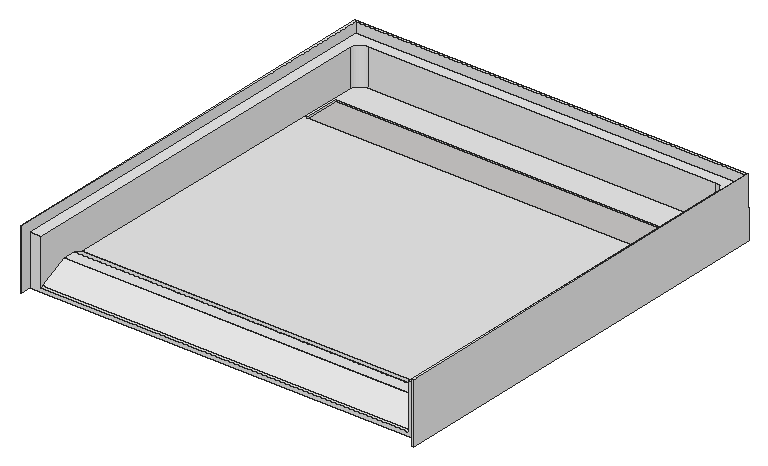
Revit family "P26341B18RTB", category Plumbing Fixtures, Revit 2017
Family settings
  Round Connector Dimension = Use Diameter
  Part Type = Normal
  OmniClass Number = 23.45.05.14.17
  OmniClass Title = Showers
  Work Plane-Based = No
  Always vertical = Yes
  Cut with Voids When Loaded = No
  Shared = No
  Room Calculation Point = No
Parameters (values of type "P26341B18RTB")
  Unit Width = 63"
  Unit Height = 4 1/2"
  URL = "http://www.bestbath.com/"
  Type Comments = "Barrier Free"
  Threshold Height = 1 7/8"
  Seat Height = 0"
  Model = "P2631B18RTB"
  Material [instance] = Best Bath Gelcoat Fiberglass - Smooth
  Manufacturer = "Best Bath Systems, Inc."
  Keynote = "22 40 00.B3"
  Description = "Trench Drain, Smooth Tile, Bevelled Threshold"
  Assembly Code = "D2010710"
Reference planes (in)
  plane 1 "Back": y = -0.5
  plane 2: z = 0
  plane 3 "Left": x = 0
  plane 4: x = 38.5
  plane 5: y = -40.5
  plane 6: z = 81.5
  plane 7: z = 1.875
  plane 8: z = 82.5
  plane 9: x = 19.25
  plane 10: y = -1.75
  plane 11: z = 1.5
  plane 12: y = -41.5
  plane 13: x = -2
  plane 14: y = -6.5
  plane 15: y = -32.26562
  plane 16: z = 4.875
  plane 17: y = -39.25
  plane 18: z = 5.875
Forms (in)
  Extrusion 1, solid, material "Best Bath Gelcoat Fiberglass - Smooth"
    sketch origin (0, 0, 0) x (1, 0, 0) y (0, 1, 0)
      loop
        line (0, -0.5) -> (0, -40.5) -> (1.25, -40.5) -> (1.25, -2.75)
        arc (1.25, -2.75) -> (1.54289, -2.04289) -> (2.25, -1.75) r 1
        line (2.25, -1.75) -> (36.25, -1.75)
        arc (36.25, -1.75) -> (36.95711, -2.04289) -> (37.25, -2.75) r 1
        line (37.25, -2.75) -> (37.25, -40.5) -> (38.5, -40.5) -> (38.5, -0.5) -> (0, -0.5)
    from 0 to 4.875
  Extrusion 2, solid, material "Best Bath Gelcoat Fiberglass - Smooth"
    sketch origin (0, 0, 0) x (1, 0, 0) y (0, 1, 0)
      loop
        line (0, -0.5) -> (0, -41.5) -> (0.125, -41.5) -> (0.125, -0.625) -> (38.375, -0.625) -> (38.375, -41.5) -> (38.5, -41.5) -> (38.5, -0.5) -> (0, -0.5)
    from 0 to 5.875
  Extrusion 3, solid, material "Best Bath Gelcoat Fiberglass - Smooth"
    sketch origin (0, 0, 0) x (0, 1, 0) y (0, 0, 1)
      loop
        line (-40.5, 0) -> (-1.75, 0) -> (-1.75, 1.27938) -> (-8.21704, 1.27938) -> (-35.47355, 1.44588)
        arc (-35.47355, 1.44588) -> (-35.49958, 1.44834) -> (-35.52476, 1.45533) r 0.14844
        line (-35.52476, 1.45533) -> (-36.4748, 1.81159)
        arc (-36.4748, 1.81159) -> (-36.50043, 1.81866) -> (-36.52692, 1.82104) r 0.14844
        line (-36.52692, 1.82104) -> (-37.7162, 1.82104)
        arc (-37.7162, 1.82104) -> (-37.74916, 1.81733) -> (-37.78047, 1.8064) r 0.14844
        line (-37.78047, 1.8064) -> (-40.41584, 0.54043)
        arc (-40.41584, 0.54043) -> (-40.47721, 0.48566) -> (-40.5, 0.40663) r 0.14844
        line (-40.5, 0.40663) -> (-40.5, 0)
    from 0 to 38.5
  Extrusion 4, void
    sketch origin (0, 0, 0) x (1, 0, 0) y (0, 1, 0)
      loop
        circle (19.25, -6.5) r 1.5
    from 0 to 4.14312
  Extrusion 5, void
    sketch origin (-0.125, 29.01562, 0) x (1, 0, 0) y (0, 1, 0)
      loop
        line (1.625, -33.76571) -> (1.625, -37.26571) -> (37.125, -37.26571) -> (37.125, -33.76571) -> (1.625, -33.76571)
    from 0.375 to 3.25
  Extrusion 6, solid, material "Stainless Steel, Brushed"
    sketch origin (-0.25, 29.37995, 0) x (1, 0, 0) y (0, 1, 0)
      loop
        line (1.75, -34.13004) -> (1.75, -37.63004) -> (37.25, -37.63004) -> (37.25, -34.13004) -> (1.75, -34.13004)
    from 0.5 to 1.18135
Cuts and joins
  Extrusion 4, Extrusion 5 cuts Extrusion 1
  Extrusion 4, Extrusion 5 cuts Extrusion 2
  Extrusion 4, Extrusion 5 cuts Extrusion 3
  joined: Extrusion 1, Extrusion 2, Extrusion 3
Dimensions and locks (in)
  locked: plane 3 "Left" to plane 4 at 38.5
  locked: plane 1 "Back" to plane 5 at 40
  "Threshold Height": plane 7 to level
  locked: plane 8 to plane 6 at 1
  equal spacing: plane 3 "Left", plane 9, plane 4
  plane 10 to plane 1 "Back" = 1 1/4"
  locked: plane 7 to plane 11 at 0.375
  locked: plane 5 to plane 12 at 1
  plane 14 to plane 5 = 34"
  locked: plane 16 to plane 7 at 3
  locked: plane 17 to plane 5 at 1.25
  locked: plane 18 to plane 16 at 1
  Extrusion 6 to Extrusion 6 = 3 1/2"
  Extrusion 6 to cut or joined group of Extrusion 1, Extrusion 2, Extrusion 3, Extrusion 4, Extrusion 5 = 1 1/2"
  cut or joined group of Extrusion 1, Extrusion 2, Extrusion 3, Extrusion 4, Extrusion 5 to Extrusion 3 sketch curve = 0.54043"
  aligned and locked: level to plane 2
  aligned and locked: Extrusion 1 sketch curve to plane 10
  aligned and locked: Extrusion 3 to plane 4
  aligned and locked: Extrusion 3 to plane 3 "Left"
  aligned and locked: cut or joined group of Extrusion 1, Extrusion 2, Extrusion 3, Extrusion 4, Extrusion 5 to Extrusion 3  (x2)
  aligned and locked: plane 10 to Extrusion 3
  aligned and locked: Extrusion 3 to plane 5
  aligned and locked: plane 14 to Extrusion 4 sketch curve
  aligned and locked: plane 9 to Extrusion 4 sketch curve
  aligned and locked: plane 18 to cut or joined group of Extrusion 1, Extrusion 2, Extrusion 3, Extrusion 4, Extrusion 5
  aligned and locked: plane 16 to cut or joined group of Extrusion 1, Extrusion 2, Extrusion 3, Extrusion 4, Extrusion 5
Automatic sketch dimensions
  plane 17 to Extrusion 5 sketch curve = 30.99991"
  plane 3 "Left" to Extrusion 5 sketch curve = 1 1/2"
  plane 4 to Extrusion 5 sketch curve = 1 1/2"
  plane 17 to Extrusion 6 sketch curve = 30.99991"
  plane 3 "Left" to Extrusion 6 sketch curve = 1 1/2"
  plane 4 to Extrusion 6 sketch curve = 1 1/2"
  plane 15 to Extrusion 6 sketch curve = 27.51554"
  Extrusion 1 sketch curve to plane 5 = 0"  (x2)
  plane 1 "Back" to Extrusion 1 sketch curve = 0"
  plane 3 "Left" to Extrusion 1 sketch curve = 1 1/4"
  Extrusion 1 sketch curve to plane 10 = 1"  (x2)
  plane 4 to Extrusion 1 sketch curve = 2 1/4"
  Extrusion 1 sketch curve to plane 4 = 0"
  Extrusion 1 sketch curve to plane 3 "Left" = 0"
  Extrusion 2 sketch curve to plane 3 "Left" = 0"
  Extrusion 2 sketch curve to plane 12 = 0"  (x2)
  plane 1 "Back" to Extrusion 2 sketch curve = 0"
  Extrusion 2 sketch curve to plane 4 = 0"
  plane 3 "Left" to Extrusion 2 sketch curve = 1/8"
  plane 4 to Extrusion 2 sketch curve = 1/8"
  plane 1 "Back" to Extrusion 2 sketch curve = 1/8"
  Extrusion 5 sketch curve to plane 10 = 3.00009"
  Extrusion 3 sketch curve to plane 5 = 0"
  Extrusion 3 sketch curve to plane 10 = 0"
  Extrusion 3 sketch curve to level = 0"
  plane 5 to Extrusion 3 sketch curve = 0.08416"
  plane 5 to Extrusion 3 sketch curve = 19/128"
  Extrusion 3 sketch curve to plane 7 = 0.0686"
  plane 17 to Extrusion 3 sketch curve = 1.46953"
  Extrusion 3 sketch curve to plane 7 = 0.05396"
  Extrusion 3 sketch curve to Extrusion 3 sketch curve = 0.06427"
  plane 11 to Extrusion 3 sketch curve = 0.1726"
  Extrusion 3 sketch curve to Extrusion 3 sketch curve = 1.18928"
  Extrusion 3 sketch curve to plane 7 = 0.06341"
  Extrusion 3 sketch curve to plane 11 = 0.04467"
  Extrusion 3 sketch curve to Extrusion 3 sketch curve = 0.95003"
  Extrusion 3 sketch curve to plane 11 = 0.05412"
  Extrusion 3 sketch curve to Extrusion 3 sketch curve = 0.05121"
  Extrusion 3 sketch curve to Extrusion 3 sketch curve = 0.00091"
  Extrusion 3 sketch curve to plane 11 = 0.22062"
  Extrusion 3 sketch curve to plane 14 = 1.71704"
  radius of Extrusion 4 sketch curve = 1 1/2"
